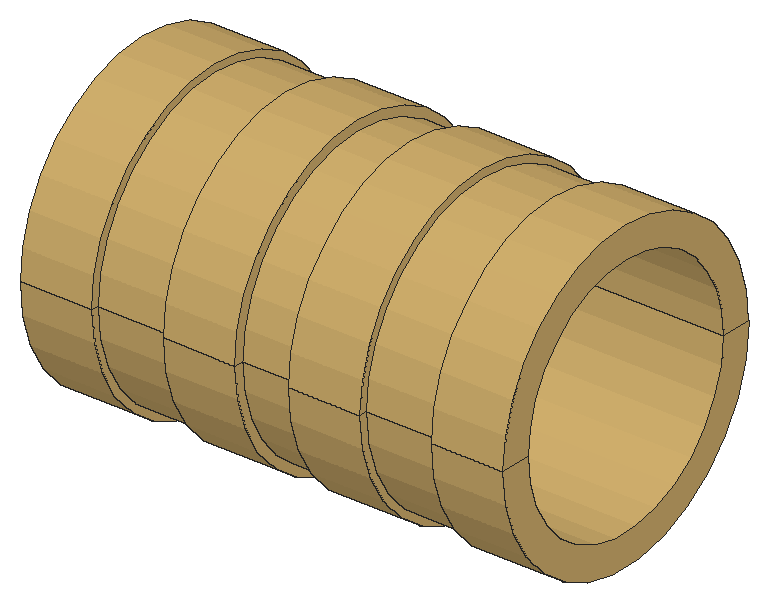
Revit family "PEX_Luva", category Pipe Fittings, Revit 2025
Family settings
  Round Connector Dimension = Use Radius
  Part Type = Union
  OmniClass Number = 23.60.30.11.14
  OmniClass Title = Pipework Fittings
  Work Plane-Based = No
  Always vertical = Yes
  Cut with Voids When Loaded = No
  Shared = No
Parameters
  URL = "https://www.ultrapex.com.br/_files/ugd/9f3173_32d47a29bbff48b5af4781a5d529eee8.pdf"
  ULTRAPEX: Versão = "00"  # constant formula
  ULTRAPEX: Norma Técnica = "NBR 15939"  # constant formula
  ULTRAPEX: Descrição [instance] = size_lookup(LookupTable, "DES", "Produto Inexistente", Diâmetro Nominal)  # "Luva de Emenda 16x16 mm - ULTRAPEX"
  ULTRAPEX: Código [instance] = size_lookup(LookupTable, "COD", 0, Diâmetro Nominal)  # 9051616
  Type Image = Luva de Emenda.jpg
  Raio Nominal [instance] = 8 mm
  Material = Latão - Ultrapex
  LookupTable = "Luva de Emenda - ULTRAPEX"
  IfcExportAs = "IfcPipeFittingType.CONNECTOR"  # constant formula
  Manufacturer = "UltraPEX"  # constant formula
  Espessura Separador [instance] = 3.50 mm  # constant formula
  Default Elevation = 0.00 mm
  Diâmetro Nominal [instance] = Raio Nominal * 2  # 16 mm
  Description = "Luva de Emenda - ULTRAPEX"
  Cota B [instance] = size_lookup(LookupTable, "B", 18.80 mm, Diâmetro Nominal)  # 18.80 mm
  Alerta [instance] = if(ULTRAPEX: Código = 0, 1 = 1, 1 = 0)  # no
Reference planes
  plane 1 "Centro (Frente/Trás)": y = 0
  plane 2: z = 0
  plane 3 "Centro (Esquerda/Direita)": x = 0
  plane 4: x = -1.75
  plane 5: x = 1.75
Forms (mm)
  Extrusion 1, solid, material "Latão - Ultrapex" <- "Material", detail levels fine
    sketch origin (-1.74, 0, 0) x (0, 1, 0) y (0, 0, 1)
      loop
        circle (0, 0) r 9.4
    from -0.01 to 3.49
Lines and regions (mm)
  model lines, detail levels coarse+medium
    curve 1: line (-1.75, 0, 0) -> (1.75, 0, 0)
    curve 2: line (0, -9.4, 0) -> (0, 9.4, 0)
Dimensions and locks
  equal spacing: plane 4, plane 3 "Centro (Esquerda/Direita)", plane 5
  "Espessura Separador": plane 4 to plane 5
  equal spacing: curve 2, plane 1 "Centro (Frente/Trás)", curve 2
  "Cota B": curve 2 to curve 2
  "Cota B": diameter of Extrusion 1 sketch curve
  aligned and locked: level to plane 2
  aligned and locked: plane 4 to Extrusion 1
  aligned and locked: Extrusion 1 to plane 5
  aligned and locked: nested 1 to plane 4
  aligned and locked: plane 5 to nested 2
  aligned and locked: plane 4 to curve 1
  aligned and locked: plane 5 to curve 1
Automatic sketch dimensions
  curve 2 to plane 3 "Centro (Esquerda/Direita)" = 0.00 mm
  plane 1 "Centro (Frente/Trás)" to curve 1 = 0.00 mm
  Extrusion 1 sketch curve to level = 0.00 mm
  Extrusion 1 sketch curve to plane 1 "Centro (Frente/Trás)" = 0.00 mm
Nested families
  nested 1: "Anel Deslizante - ULTRAPEX" at (-1.75, 0, 0) x (0, 1, 0) z (0, 0, 1), Diâmetro Nominal <- "Diâmetro Nominal", type "Anel Deslizante - ULTRAPEX", detail levels medium+fine
    with ULTRAPEX: Descrição "Anel Deslizante 16 mm - ULTRAPEX", ULTRAPEX: Código 9040016, Diâmetro Nominal 16 mm, DN 16.00 mm, Cota C 4.667 mm, Cota B 14.00 mm, Cota A 20.00 mm
  nested 2: "Anel Deslizante - ULTRAPEX" at (1.75, 0, 0) x (0, -1, 0) z (0, 0, 1), Diâmetro Nominal <- "Diâmetro Nominal", type "Anel Deslizante - ULTRAPEX", detail levels medium+fine
    with ULTRAPEX: Descrição "Anel Deslizante 16 mm - ULTRAPEX", ULTRAPEX: Código 9040016, Diâmetro Nominal 16 mm, DN 16.00 mm, Cota C 4.667 mm, Cota B 14.00 mm, Cota A 20.00 mm
Connectors
  piping at (-1.75, 0, 0), diameter 16, driven by "Raio Nominal"
    settings: on nested 1, index 1, connector inside diameter 609.6 mm, connector length 0.00 mm, flow factor 0, pipe flow 0.0 L/s, pressure drop 0.0 Pa, fitting loss kfactor 0, connector angle 0.00°, fixture units 0, engagement length 0.00 mm, angle of deflection 0.00°, flow configuration 0, flow direction 0, fitting loss method 0, system type 28, joint type 0, gender type 0, connector reference index -1, connector utility 0, adjustable connector no, is connector primary yes, connector description ""
  piping at (1.75, 0, 0), diameter 16, driven by "Raio Nominal"
    settings: on nested 2, index 2, connector inside diameter 609.6 mm, connector length 0.00 mm, flow factor 0, pipe flow 0.0 L/s, pressure drop 0.0 Pa, fitting loss kfactor 0, connector angle 0.00°, fixture units 0, engagement length 0.00 mm, angle of deflection 0.00°, flow configuration 0, flow direction 0, fitting loss method 0, system type 28, joint type 0, gender type 0, connector reference index -1, connector utility 0, adjustable connector no, is connector primary no, connector description ""
Definition of nested family "Anel Deslizante - ULTRAPEX"
  Parameters (values of type "Anel Deslizante - ULTRAPEX")
    URL = "https://www.ultrapex.com.br/_files/ugd/9f3173_32d47a29bbff48b5af4781a5d529eee8.pdf"
    ULTRAPEX: Versão = "00"  # constant formula
    ULTRAPEX: Norma Técnica = "NBR 15939"  # constant formula
    ULTRAPEX: Descrição [instance] = size_lookup(LookupTable, "DES", "Produto Inexistente", Diâmetro Nominal)  # "Anel Deslizante 16 mm - ULTRAPEX"
    ULTRAPEX: Código [instance] = size_lookup(LookupTable, "COD", 0, Diâmetro Nominal)  # 9040016
    Type Image = element 278382
    Material = none
    LookupTable = "Anel Deslizante - ULTRAPEX"  # constant formula
    IfcExportAs = "IfcPipeFittingType.CONNECTOR"  # constant formula
    Manufacturer = "UltraPEX"  # constant formula
    Default Elevation = 0.00 mm
    Diâmetro Nominal [instance] = 16 mm
    Description = "Anel Deslizante - ULTRAPEX"
    DN [instance] = size_lookup(LookupTable, "DN", 16.00 mm, Diâmetro Nominal)  # 16.00 mm
    Cota C [instance] = Cota B / 3  # 4.667 mm
    Cota B [instance] = size_lookup(LookupTable, "B", 14.00 mm, Diâmetro Nominal)  # 14.00 mm
    Cota A [instance] = size_lookup(LookupTable, "A", 20.00 mm, Diâmetro Nominal)  # 20.00 mm
  Reference planes
    plane 1 "Centro (Frente/Trás)": y = 0
    plane 2: z = 0
    plane 3 "Centro (Esquerda/Direita)": x = 0
    plane 4: x = 8
    plane 5: x = -8
    plane 6: x = -10
    plane 7: x = 10
    plane 8: y = 14
  Forms (mm)
    Revolve 1, solid, material <- "Material", detail levels fine
      sketch origin (0, 0, 0) x (1, 0, 0) y (0, 1, 0)
        loop
          line (10, 0) -> (10, 14) -> (8, 14) -> (8, 0) -> (10, 0)
        axis (0, 0) -> (0, 14)
      angle from 0 to 360
    Revolve 2, void
      sketch origin (0, 0, 0) x (1, 0, 0) y (0, 1, 0)
        loop
          line (-10.952, 9.333) -> (-10.952, 4.667) -> (-9.524, 4.667) -> (-9.524, 9.333) -> (-10.952, 9.333)
        axis (0, 4.667) -> (0, 9.333)
      angle from 0 to 360
  Cuts and joins
    Revolve 2 cuts Revolve 1
  Lines and regions (mm)
    model lines, detail levels coarse+medium
      curve 1: line (0, 0, 0) -> (0, 14, 0)
  Dimensions and locks
    "DN": plane 5 to plane 4
    "Cota A": plane 6 to plane 7
    equal spacing: plane 6, plane 3 "Centro (Esquerda/Direita)", plane 7
    equal spacing: plane 5, plane 3 "Centro (Esquerda/Direita)", plane 4
    "Cota B": plane 1 "Centro (Frente/Trás)" to plane 8
    "Cota C": Revolve 2 sketch curve to plane 8
    "Cota C": plane 1 "Centro (Frente/Trás)" to Revolve 2 sketch curve
    locked: plane 6 to Revolve 2 sketch curve at 0.476
    locked: Revolve 2 sketch curve to Revolve 2 sketch curve at 1.428
    aligned and locked: level to plane 2
    aligned and locked: plane 3 "Centro (Esquerda/Direita)" to Revolve 1 sketch curve
    aligned and locked: Revolve 1 sketch curve to plane 7
    aligned and locked: plane 4 to Revolve 1 sketch curve
    aligned and locked: plane 1 "Centro (Frente/Trás)" to Revolve 1 sketch curve
    aligned and locked: plane 8 to Revolve 1 sketch curve
    aligned and locked: plane 8 to curve 1
    aligned and locked: plane 1 "Centro (Frente/Trás)" to curve 1
  Automatic sketch dimensions
    plane 1 "Centro (Frente/Trás)" to Revolve 1 sketch curve = 0.00 mm
    Revolve 1 sketch curve to Revolve 1 sketch curve = 0.00 mm
    curve 1 to plane 3 "Centro (Esquerda/Direita)" = 0.00 mm
    Revolve 2 sketch curve to plane 3 "Centro (Esquerda/Direita)" = 0.00 mm
    plane 1 "Centro (Frente/Trás)" to Revolve 2 sketch curve = 0.00 mm
    plane 8 to Revolve 2 sketch curve = 2.253 mm
